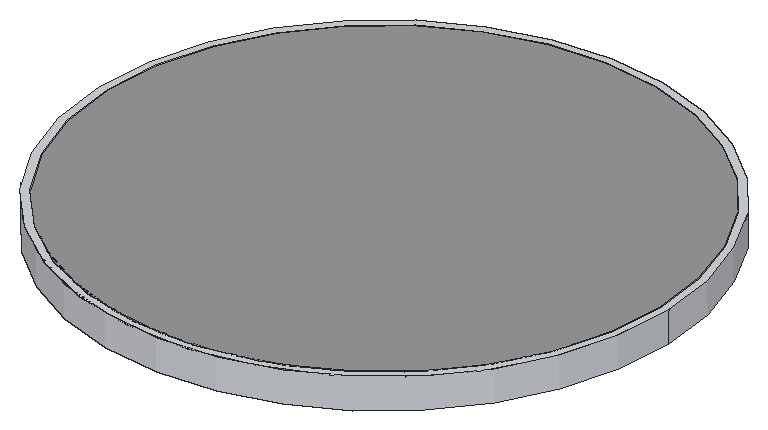
Revit family "2071324", category Lighting Fixtures, host Face, Revit 2018
Family settings
  Host = Face
  Round Connector Dimension = Use Diameter
  Part Type = Junction Box
  OmniClass Number = 23.80.70.00
  OmniClass Title = Lighting
  Cut with Voids When Loaded = No
  Light Source = Yes
  Shared = No
  Room Calculation Point = No
Parameters (values of type "2071324 COLOSSAL 1200 940 OP DIR+H WHT SSC")
  iner diameter = 1168 mm
  Weight = "n/a"
  Wattage Comments = ""
  Wattage = 30 W
  WarrantyStartDate [instance] = "n/a"
  WarrantyGuarantorParts = "n/a"
  WarrantyDurationUnit = "n/a"
  WarrantyDurationParts = ""
  WarrantyDescription = "http://www.sylvania-lighting.com"
  built-in parameter 1150110 = 1 (stored number, unit not read)
  Voltage = 230 V
  URL = "0.95"
  TypeName = "COLOSSAL 1200mm 940 OPAL DIR+HAL WHITE SSC"
  Type Image = <None>
  Type Comments = "n/a"
  built-in parameter 1114217 = 1 (stored number, unit not read)
  Tilt Angle = -90.00°
  built-in parameter 1150109 = 1 (stored number, unit not read)
  built-in parameter 1150134 = (empty or 0)
  built-in parameter 1150113 = 1 (stored number, unit not read)
  SerialNumber [instance] = "n/a"
  Photometric Web File = "2071324.ies"
  Material_3_SYL = LED-Sylvania
  PowerFactor = 0
  PowerConsumption = "Lighting"
  NominalLength = 1168 mm
  NominalHeight = 93 mm
  NominalDepth = 1168 mm
  Name = "COLOSSAL 1200mm 940 OPAL DIR+HAL WHITE SSC"
  ModelReference = Name  # "COLOSSAL 1200mm 940 OPAL DIR+HAL WHITE SSC"
  ModelNumber = "2071324"
  Model = Name  # "COLOSSAL 1200mm 940 OPAL DIR+HAL WHITE SSC"
  Material = "Feilo Sylvania"
  ManufacturerName = "123 lm/W"
  Manufacturer = ""
  LuminousEfficacy = ""
  built-in parameter 1150105 = 270.44 (stored number, unit not read)
  Lumens = 3398.4 lm
  LuminaireType = "0"
  built-in parameter 1150115 = 1 (stored number, unit not read)
  LightOutputRatio = "LED"
  built-in parameter 1150137 = (empty or 0)
  built-in parameter 1150139 = (empty or 0)
  LampsType = Lamp  # "n/a"
  LampNominalLuminous = "4000 K"
  LampMacAdamStep = "90"
  LampColourTemperature = "LED"
  LampColourRenderingIndex = "16500"
  built-in parameter 1150112 = 1 (stored number, unit not read)
  built-in parameter 1150114 = 1 (stored number, unit not read)
  Lamp = "n/a"
  Keynote = "n/a"
  InstallationDate [instance] = "n/a"
  InputVoltage = "0"
  InputNominalFrequency = "4000"
  built-in parameter 1150132 = (empty or 0)
  built-in parameter 1150102 = (empty or 0)
  built-in parameter 1150107 = 3000 (stored number, unit not read)
  built-in parameter 1150138 = (empty or 0)
  IngressProtection = "IfcLightFixtureType"
  ImpactProtectionIndex = "IfcLightFixtureType"
  built-in parameter 1150106 = 2.7044 (stored number, unit not read)
  IfcExportType = "IfcLightFixtureType"
  IfcExportAs = "Class I"
  Emit from Circle Diameter = 385 mm
  Emit Shape Visible in Rendering = no
  ElectricShockClassification = "123"
  built-in parameter 1150104 = 10.524 (stored number, unit not read)
  DocumentationLiterature = "http://www.sylvania-lighting.com/product/en-int/products/2071324"
  DimmingControlOptions = "n/a"
  Material_2_SYL = Polycarbonate_Sylvania_White
  Dimming Lamp Color Temperature Shift = <None>
  Description = "1200mm diameter circular architectural luminaire, can be surface mounted or suspended. Powder coated aluminium housing (RAL9016) with polycarbonate opal diffuser. Direct/indirect (halo) light distribution, 18885lm luminuous flux, 153.6W system power, 123lm/W luminiaire efficacy. Sylsmart Standalone enabled. Colour rendering index Ra >90, 4000K Neutral White LED, chromaticity tolerance of 3-step MacAdam ellipse. IP40/IP20, IK03. 450mA drive current. Electrical protection Class1, 220-240V. Reported lifetime 66k hours L90B10."
  Default Elevation = 1219.2 mm
  CreatedOn = "23/03/2022"
  CreatedBy = "@sylvania-lighting.com"
  Cost = 0
  Color Filter = 16777215
  built-in parameter 1114216 [instance] = (empty or 0)
  ClassificationValue = "EF_70_80"
  ClassificationName = "Uniclass2015"
  Material_1_SYL = Polycarbonate_Sylvania_Opal
  BarCode [instance] = "n/a"
  built-in parameter 1114218 = 1 (stored number, unit not read)
  built-in parameter 1150133 = 10 (stored number, unit not read)
  AssetType = "Fixed"
  AssetIdentifier [instance] = "n/a"
  Assembly Code = "D5020200"
  Apparent Load = 153.6 VA
  Material_4_SYL = none
Reference planes
  plane 1 "Center (Front/Back)": y = 0
  plane 2: z = 0
  plane 3 "Center (Left/Right)": x = 0
  plane 4: z = 1.161
  plane 5: z = 16.161
  plane 6: y = 584
  plane 7: y = -584
  plane 8: x = 85
  plane 9: x = -85
  plane 10: through (0, 0, 1219.2) normal (0.5, 0.866, 0)
  plane 11: through (42.5, 73.612, 1219.2) normal (0.5, 0.866, 0)
  plane 12: through (-42.5, -73.612, 1219.2) normal (0.5, 0.866, 0)
  plane 13: through (0, 0, 1219.2) normal (0.5, -0.866, 0)
  plane 14: through (-42.5, 73.612, 1219.2) normal (0.5, -0.866, 0)
  plane 15: through (42.5, -73.612, 1219.2) normal (0.5, -0.866, 0)
  plane 16: z = 93
  plane 17: y = 584
  plane 18: y = -584
  plane 19: y = -429
  plane 20: x = -584
  plane 21: x = 584
Forms (mm)
  Extrusion 1, solid, detail levels medium+fine
    sketch origin (0, 0, 0) x (0.866025, -0.5, 0) y (0.5, 0.866025, 0)
      loop
        circle (-50, 86.603) r 22
    from 0 to 2
  Extrusion 2, solid, detail levels medium+fine
    sketch origin (0, 0, 0) x (0.866025, -0.5, 0) y (0.5, 0.866025, 0)
      loop
        circle (100, 0) r 22
      loop
        circle (-50, -86.603) r 22
    from 0 to 2
  Extrusion 3, solid, detail levels medium+fine
    sketch origin (0, 0, 0) x (1, 0, 0) y (0, 1, 0)
      loop
        circle (0, 0) r 584
    from 30 to 93
  Extrusion 4, void
    sketch origin (0, 0, 0) x (1, 0, 0) y (0, 1, 0)
      loop
        circle (0, 0) r 568
    from 96.588 to 37.292
  Extrusion 5, solid, material "Glass, White, High Luminance", detail levels fine
    sketch origin (0, 0, 0) x (1, 0, 0) y (0, 1, 0)
      loop
        circle (0, 0) r 568
    from 88.022 to 93
  Extrusion 6, solid, detail levels coarse
    sketch origin (0, 0, 0) x (1, 0, 0) y (0, 1, 0)
      loop
        line (-584, 584) -> (-584, -584) -> (584, -584) -> (584, 584) -> (-584, 584)
    from 0 to 93
  Blend 7, solid, detail levels medium+fine
    base sketch origin (-10.814, 11.299, 29.922) x (1, 0, 0) y (0, 1, 0)
      loop
        line (-402.654, -330.622) -> (397.346, -330.622) -> (482.346, -183.398) -> (82.346, 509.423) -> (-87.654, 509.423) -> (-487.654, -183.398) -> (-402.654, -330.622)
    top sketch origin (-10.814, 11.299, 29.922) x (1, 0, 0) y (0, 1, 0)
      loop
        line (-363.391, -306.496) -> (364.632, -306.496) -> (449.632, -159.272) -> (87.132, 468.597) -> (-82.868, 468.597) -> (-445.368, -159.272) -> (-363.391, -306.496)
    from 0 to -30
Cuts and joins
  Extrusion 4 cuts Extrusion 1
  Extrusion 4 cuts Extrusion 2
  Extrusion 4 cuts Extrusion 3
Lines and regions (mm)
  model lines, detail levels medium+fine
    curve 1: circle (0, 0, 0) r 155 normal (0, 0, 1)
  reference lines
    curve 2: circle (0, 0, 0) r 489 normal (0, 0, 1)
    curve 3: circle (0, 0, 0) r 521 normal (0, 0, 1)
    curve 4: line (0, 0, 0) -> (606.218, -350, 0)
    curve 5: line (0, 0, 0) -> (0, 825, 0)
    curve 6: line (0, 0, 0) -> (-623.538, -360, 0)
    curve 7: line (639.013, -270.785, 0) -> (85, 49.075, 0)
    curve 8: line (563.718, -423.612, 0) -> (0, -98.15, 0)
    curve 9: line (85, 49.075, 0) -> (85, 825, 0)
    curve 10: line (-85, 49.075, 0) -> (-85, 825, 0)
    curve 11: line (-85, 49.075, 0) -> (-666.038, -286.388, 0)
    curve 12: line (-581.038, -433.612, 0) -> (0, -98.15, 0)
Dimensions and locks
  plane 4 to level = 1.161 mm
  locked: plane 5 to plane 4 at 15
  "NominalDepth": plane 6 to plane 7
  plane 6 to plane 1 "Center (Front/Back)" to plane 7 = 584 mm, 584 mm
  "NominalHeight": level to plane 16
  equal spacing: plane 17, plane 1 "Center (Front/Back)", plane 18
  "NominalLength": plane 20 to plane 21
  equal spacing: plane 20, plane 3 "Center (Left/Right)", plane 21
  aligned and locked: plane 2 to host face
  aligned and locked: level to host face
  aligned and locked: plane 6 to Extrusion 6
Automatic sketch dimensions
  host sketch curve to host sketch curve = 2438.4 mm  (x2)
  Extrusion 1 sketch curve to plane 3 "Center (Left/Right)" = 0 mm
  Extrusion 1 sketch curve to plane 1 "Center (Front/Back)" = 100 mm
  plane 1 "Center (Front/Back)" to Extrusion 2 sketch curve = 50 mm
  Extrusion 2 sketch curve to plane 3 "Center (Left/Right)" = 86.603 mm
  Extrusion 2 sketch curve to Extrusion 2 sketch curve = 150 mm
  Extrusion 2 sketch curve to Extrusion 2 sketch curve = 86.603 mm
  plane 1 "Center (Front/Back)" to curve 1 = 0 mm
  curve 1 to plane 3 "Center (Left/Right)" = 0 mm
  plane 1 "Center (Front/Back)" to Extrusion 3 sketch curve = 0 mm
  Extrusion 3 sketch curve to plane 3 "Center (Left/Right)" = 0 mm
  plane 1 "Center (Front/Back)" to Extrusion 4 sketch curve = 0 mm
  Extrusion 4 sketch curve to plane 3 "Center (Left/Right)" = 0 mm
  plane 1 "Center (Front/Back)" to Extrusion 5 sketch curve = 0 mm
  Extrusion 5 sketch curve to plane 3 "Center (Left/Right)" = 0 mm
  curve 2 to curve 3 = 0 mm  (x2)
  curve 11 to plane 14 = 0 mm
  curve 6 to plane 13 = 0 mm
  curve 12 to plane 15 = 0 mm
  curve 10 to plane 9 = 0 mm
  curve 12 to plane 3 "Center (Left/Right)" = 0 mm
  plane 1 "Center (Front/Back)" to curve 3 = 0 mm
  curve 3 to plane 3 "Center (Left/Right)" = 0 mm
  curve 7 to plane 8 = 0 mm
  curve 11 to plane 10 = 0 mm
  curve 12 to plane 19 = 4.612 mm
  plane 19 to curve 6 = 69 mm
  plane 19 to curve 11 = 142.612 mm
  plane 19 to curve 8 = 5.388 mm
  plane 19 to curve 4 = 79 mm
  plane 19 to curve 7 = 158.215 mm
  plane 6 to curve 5 = 241 mm
  curve 10 to curve 5 = 0 mm
  curve 5 to curve 9 = 0 mm
  plane 1 "Center (Front/Back)" to curve 6 = 0 mm
  curve 6 to plane 3 "Center (Left/Right)" = 0 mm
  Extrusion 6 sketch curve to plane 7 = 0 mm
  Extrusion 6 sketch curve to plane 6 = 0 mm
  Blend 7 sketch curve to plane 6 = 756.098 mm  (x2)
  Blend 7 sketch curve to Blend 7 sketch curve = 85 mm
  plane 3 "Center (Left/Right)" to Blend 7 sketch curve = 386.532 mm
  plane 8 to Blend 7 sketch curve = 386.532 mm
  Blend 7 sketch curve to plane 6 = 63.278 mm
  Blend 7 sketch curve to plane 6 = 731.972 mm  (x2)
  Blend 7 sketch curve to Blend 7 sketch curve = 81.977 mm
  plane 3 "Center (Left/Right)" to Blend 7 sketch curve = 353.818 mm
  plane 8 to Blend 7 sketch curve = 353.818 mm
  Blend 7 sketch curve to plane 6 = 104.104 mm
  plane 12 to curve 8 = 0 mm
  plane 19 to Blend 7 sketch curve = 109.677 mm
  plane 19 to Blend 7 sketch curve = 133.803 mm
  plane 8 to Extrusion 6 sketch curve = 499 mm
  Extrusion 6 sketch curve to plane 9 = 499 mm
  Blend 7 sketch curve to plane 8 = 13.468 mm
  Blend 7 sketch curve to plane 9 = 13.468 mm
  Blend 7 sketch curve to plane 9 = 328.468 mm
  Blend 7 sketch curve to plane 8 = 8.682 mm
  Blend 7 sketch curve to plane 9 = 8.682 mm
  Blend 7 sketch curve to plane 9 = 289.205 mm
  plane 10 to curve 4 = 0 mm
  plane 11 to curve 7 = 0 mm
  curve 12 to plane 12 = 0 mm
  curve 9 to plane 11 = 0 mm
  radius of Extrusion 1 sketch curve = 22 mm
  radius of Extrusion 2 sketch curve = 22 mm  (x2)
  radius of curve 1 = 155 mm
  radius of Extrusion 3 sketch curve = 584 mm
  radius of Extrusion 4 sketch curve = 568 mm
  radius of Extrusion 5 sketch curve = 568 mm
  radius of curve 2 = 489 mm
  radius of curve 3 = 521 mm
Connectors
  electrical at (0, 0, 30)
    settings: on cut or joined group of Extrusion 3, Extrusion 4, index 1, voltage 0 V, apparent load 0 VA, apparent load phase1 0 VA, apparent load phase2 0 VA, apparent load phase3 0 VA, power factor 1, load classification "Other", number of poles 1, system type 31, power factor state 1, is connector primary yes, connector utility no, sub classification motor no, connector description ""
